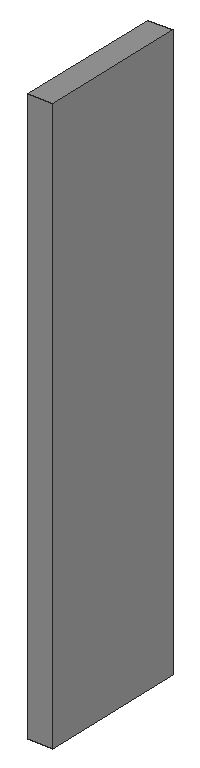
Revit family "PRE080021-FR", category Appareils sanitaires, Revit 2017
Family settings
  Cote de connecteur circulaire = Utiliser le diamètre
  Type d'élément = Normal
  Basée sur le plan de construction = Non
  Toujours verticalement = Oui
  Couper avec des vides une fois chargée = Non
  Partagée = Non
  Point de calcul de pièce = Non
Parameters (values of type "70818 PRESTO CHEF Colonne monotrou sur plage avec douchette et bec de remplissage")
  Variantes = "70818"
  Product data url = "https://www.bimobject.com/presto/product/pre080021"
  Product Guid = "326be525-f3ca-42f8-a20e-513cf86d6765"
  LC = 15 mm
  Garantie = ""
  URL Fabricant = "http://www.prestodatashare.com/centretelechargement/index.php?lang=FR&refs=70818"
  URL = "http://www.prestodatashare.com/centretelechargement/index.php?lang=FR&refs=70818"
  Lien notice d'utilisation = "http://www.prestodatashare.com/centretelechargement/index.php?lang=FR&refs=70818"
  Lien fiche produit = "http://www.prestodatashare.com/espacedoc/Fiches_Techniques/FR/70818.pdf"
  Reference = "70818"
  Pression = ""
  Polantis code = "PRE080021"
  Perte de charge = 0.0 Pa
  Profondeur = 300 mm
  Modèle = "70818 PRESTO CHEF Colonne monotrou sur plage avec douchette et bec de remplissage"
  Matériau = Laiton poli chromé
  Lien CCTP = "http://www.prestodatashare.com/centretelechargement/index.php?lang=FR&refs=70818"
  Largeur = 50 mm
  PC = 30 mm
  Hauteur = 1151 mm
  Fonction = "Mélangeur à tête céramique 1/4 de tour\nDouchette noire M1/2'' avec surface de préhension limitant les risques de brûlure. Débit régulé à 12L/min. Jet réglable par l'utilisateur : concentré ou mouillage. Embout\nde douchette anti-tartre. Crochet de blocage pour écoulement continu. Clapet anti-retour NF intégré.\nRessort de guidage pour flexible en inox\nSupport mural réglable, recoupable de 60 à 200 mm (de la colonne au mur)\nSupport de douchette ajustable : à gauche ou à droite\n\nPression d'utilisation recommandée : 1 à 5 bars\n\nDébit : 12L/min à 3 bar\n\nAlimentation hydraulique : Entrée du robinet mâle G1/2''\n\nMatière et couleur de finition :\nCorps et colonne en laiton chromé\nMatière conforme avec la liste \"UBA\"\n\nRésistance thermique : Résiste à une température de 75° C durant 30 minutes (dans le cadre de chocs thermiques).\n\nLivré avec :\nColonnettes avec écrou et filtres\n1 flexible (de douchette) tressé inox entouré d'une gaine PVC, résistant à des températures allant jusqu'à 90°C. Température d'utilisation en service à 70°C maximum\nen continu"
  Flux = 0.0316667 L/s
  Finition = "Corps en laiton chromé conforme aux normes NF EN1982/ NF EN 12164 / NF EN 12165\nTraitement de surface Nickel-Chrome selon NF EN12540\nRésistance au brouillard salin neutre (NSS) : 200 h selon NF ISO 9235"
  Fabricant = "LES ROBINETS PRESTO S.A."
  Edition number = 0
  Diamètre Nominal = 15 mm
  Description = "Produit résistant à un usage intensif\nSouplesse du ressort\nDouchette ergonomique avec fonction écoulement continu, et surface de préhension limitant les risques des brûlure. Embout permettant d'absorber les chocs. Crochet\nde blocage pour éviter les TMS (trouble musculo squelettiques)\nInterface corps/colonne renforcé\nVolants intuitifs et ergonomiques : facilité de préhension\nSupport mural réglable\nFlexible de douchette gaine PVC pour éviter les niches bactériennes et faciliter le nettoyage\nMaintenance aisée : présence d'une fente sous la pastille rouge/bleue permettant le passage d'un tournevis\nFacilité de maintenance : disponibilité de toutes les pièces d'usure"
  Debit = "1,9l/min avec limiteur de débit intégré\r (sprayer)\r\n Dispositif anti-coup de bélier\r\r\n Brise-jet : anti-vandalisme et anti-bouchage"
  Raccordement = "2xG1/2 couplé dessous milieu"
  Adresse = "7, RUE RACINE - 92542 MONTROUGE CEDEX FRANCE"
Reference planes
  plane 1 "Centre (avant/arrière)": y = 0
  plane 2: z = 0
  plane 3 "Centre (gauche/droite)": x = 0
  plane 4: y = -300
  plane 5: x = 50
  plane 6: z = 1151
  plane 7: x = 25
  plane 8: z = 1
  plane 9: y = -30
  plane 10: x = 15
  plane 11: x = 35
Forms (mm)
  Extrusion 1, solid, material "Laiton poli chromé" <- "Matériau", detail levels fine
    sketch origin (0, 0, 0) x (1, 0, 0) y (0, 1, 0)
      loop
        line (0, 0) -> (0, -300) -> (50, -300) -> (50, 0) -> (0, 0)
    from 0 to 1151
  Extrusion 2, solid, material "Laiton poli chromé" <- "Matériau", detail levels fine
    sketch origin (0, 0, 0) x (1, 0, 0) y (0, 1, 0)
      loop
        circle (15, -30) r 5
    from 0 to 1
  Extrusion 3, solid, material "Laiton poli chromé" <- "Matériau", detail levels fine
    sketch origin (0, 0, 0) x (1, 0, 0) y (0, 1, 0)
      loop
        circle (35, -30) r 5
    from 0 to 1
Cuts and joins
  joined: Extrusion 1, Extrusion 2, Extrusion 3
Dimensions and locks
  "Profondeur": plane 1 "Centre (avant/arrière)" to plane 4
  "Largeur": plane 3 "Centre (gauche/droite)" to plane 5
  "Hauteur": plane 6 to level
  equal spacing: plane 3 "Centre (gauche/droite)", plane 7, plane 5
  locked: plane 8 to plane 2 at 1
  "PC": plane 1 "Centre (avant/arrière)" to plane 9
  "LC": plane 3 "Centre (gauche/droite)" to plane 10
  "LC": plane 11 to plane 5
  aligned and locked: level to plane 2
  aligned and locked: plane 1 "Centre (avant/arrière)" to Extrusion 1 sketch curve
  aligned and locked: plane 3 "Centre (gauche/droite)" to Extrusion 1 sketch curve
  aligned and locked: plane 4 to Extrusion 1 sketch curve
  aligned and locked: plane 5 to Extrusion 1 sketch curve
  aligned and locked: plane 6 to Extrusion 1
  aligned and locked: plane 8 to Extrusion 2
  aligned and locked: plane 8 to Extrusion 3
  aligned and locked: plane 9 to nested 1
  aligned and locked: plane 7 to nested 1
  aligned and locked: plane 6 to nested 2
  aligned and locked: plane 7 to nested 2
  aligned and locked: nested 2 to plane 4
Automatic sketch dimensions
  Extrusion 2 sketch curve to plane 9 = 0 mm
  Extrusion 2 sketch curve to plane 10 = 0 mm
  Extrusion 3 sketch curve to plane 9 = 0 mm
  Extrusion 3 sketch curve to plane 11 = 0 mm
  radius of Extrusion 2 sketch curve = 5 mm
  radius of Extrusion 3 sketch curve = 5 mm
Nested families
  nested 1: "SymboliqueA6" at (0, -30, 0) x (0, 1, 0) z (0, 0, 1), type "SymboliqueA6", detail levels coarse+medium
  nested 2: "S2DA6" at (50, -150, 0) x (0, 1, 0) z (0, 0, 1), type "S2DA6", detail levels coarse+medium
Connectors
  piping at (15, -30, 0), diameter 15, driven by "Diamètre Nominal", driven by "Flux", driven by "Perte de charge"
    settings: on Extrusion 2, index 3, connector inside diameter 609.6 mm, connector length 0 mm, flow factor 0, pipe flow 0.0316667 L/s, pressure drop 0.0 Pa, fitting loss kfactor 0, connector angle 0.00°, fixture units 0, engagement length 0 mm, angle of deflection 0.00°, flow configuration 0, flow direction 1, fitting loss method 4, system type 19, joint type 0, gender type 0, connector reference index -1, connector utility 0, adjustable connector no, is connector primary yes, connector description ""
  piping at (35, -30, 0), diameter 15, driven by "Flux", driven by "Perte de charge", driven by "Diamètre Nominal"
    settings: on Extrusion 3, index 4, connector inside diameter 609.6 mm, connector length 0 mm, flow factor 0, pipe flow 0.0316667 L/s, pressure drop 0.0 Pa, fitting loss kfactor 0, connector angle 0.00°, fixture units 0, engagement length 0 mm, angle of deflection 0.00°, flow configuration 0, flow direction 1, fitting loss method 4, system type 20, joint type 0, gender type 0, connector reference index -1, connector utility 0, adjustable connector no, is connector primary no, connector description ""
Definition of nested family "SymboliqueA6"
  Parameters (values of type "SymboliqueA6")
    V = yes
    P = 1000 mm
    L = 1000 mm
    H = 1000 mm
  Reference planes
    plane 1 "Centre (avant/arrière)": y = 0
    plane 2: z = 0
    plane 3 "Centre (gauche/droite)": x = 0
    plane 4: y = -1000
    plane 5: x = -500
    plane 6: x = 500
    plane 7: z = 1000
    plane 8: z = 500
    plane 9: y = -500
  Lines and regions (mm)
    model lines
      curve 1: line (0, -1000, 1000) -> (0, 0, 0)
      curve 2: line (0, 0, 0) -> (0, -1000, 0)
      curve 3: line (0, -1000, 0) -> (0, 0, 1000)
      curve 4: line (0, 0, 1000) -> (0, -1000, 1000)
  Dimensions and locks
    "H": plane 7 to plane 2
    equal spacing: plane 5, plane 3 "Centre (gauche/droite)", plane 6
    "L": plane 5 to plane 6
    equal spacing: plane 7, plane 8, level
    equal spacing: plane 4, plane 9, plane 1 "Centre (avant/arrière)"
    "P": plane 1 "Centre (avant/arrière)" to plane 4
    aligned and locked: level to plane 2
  Automatic sketch dimensions
    curve 3 to level = 0 mm
    curve 1 to plane 1 "Centre (avant/arrière)" = 0 mm
    curve 1 to plane 7 = 0 mm
    curve 3 to plane 4 = 0 mm
    curve 3 to plane 1 "Centre (avant/arrière)" = 0 mm
    curve 4 to plane 4 = 0 mm
Definition of nested family "S2DA6"
  Parameters (values of type "S2DA6")
    P = 788.322 mm
    L = 1600 mm
    H = 1250.021 mm
  Reference planes
    plane 1 "Centre (avant/arrière)": y = 0
    plane 2: z = 0
    plane 3 "Centre (gauche/droite)": x = 0
    plane 4: y = 788.322
    plane 5: x = -800
    plane 6: x = 800
    plane 7: y = 394.161
    plane 8: z = 1250.021
    plane 9: z = 625.01
  Lines and regions (mm)
    symbolic lines
      curve 1: line (-800, 788.322, 0) -> (800, 0, 0)
      curve 2: line (800, 0, 0) -> (800, 788.322, 0)
      curve 3: line (800, 788.322, 0) -> (-800, 0, 0)
      curve 4: line (-800, 0, 0) -> (-800, 788.322, 0)
      curve 5: line (800, 0, 1250.021) -> (-800, 0, 1250.021)
      curve 6: line (-800, 0, 1250.021) -> (800, 0, 0)
      curve 7: line (800, 0, 0) -> (-800, 0, 0)
      curve 8: line (800, 0, 1250.021) -> (-800, 0, 0)
      curve 9: line (0, 788.322, 0) -> (0, 0, 1250.021)
      curve 10: line (0, 0, 1250.021) -> (0, 788.322, 1250.021)
      curve 11: line (0, 788.322, 1250.021) -> (0, 0, 0)
      curve 12: line (0, 0, 0) -> (0, 788.322, 0)
  Dimensions and locks
    equal spacing: plane 5, plane 3 "Centre (gauche/droite)", plane 6
    equal spacing: plane 1 "Centre (avant/arrière)", plane 7, plane 4
    "P": plane 1 "Centre (avant/arrière)" to plane 4
    "L": plane 5 to plane 6
    equal spacing: plane 8, plane 9, level
    "H": plane 8 to plane 2
    aligned and locked: level to plane 2
  Automatic sketch dimensions
    plane 1 "Centre (avant/arrière)" to curve 3 = 0 mm
    curve 1 to plane 4 = 0 mm
    curve 3 to plane 4 = 0 mm
    plane 1 "Centre (avant/arrière)" to curve 2 = 0 mm
    curve 3 to plane 6 = 0 mm
    curve 4 to plane 5 = 0 mm
    curve 10 to plane 1 "Centre (avant/arrière)" = 0 mm
    curve 10 to plane 8 = 0 mm
    curve 11 to plane 4 = 0 mm
    curve 12 to level = 0 mm
    curve 12 to plane 1 "Centre (avant/arrière)" = 0 mm
    curve 12 to plane 4 = 0 mm
    plane 5 to curve 5 = 0 mm
    curve 8 to level = 0 mm
    plane 5 to curve 8 = 0 mm
    plane 6 to curve 7 = 0 mm
    plane 6 to curve 8 = 0 mm
    curve 6 to plane 8 = 0 mm
